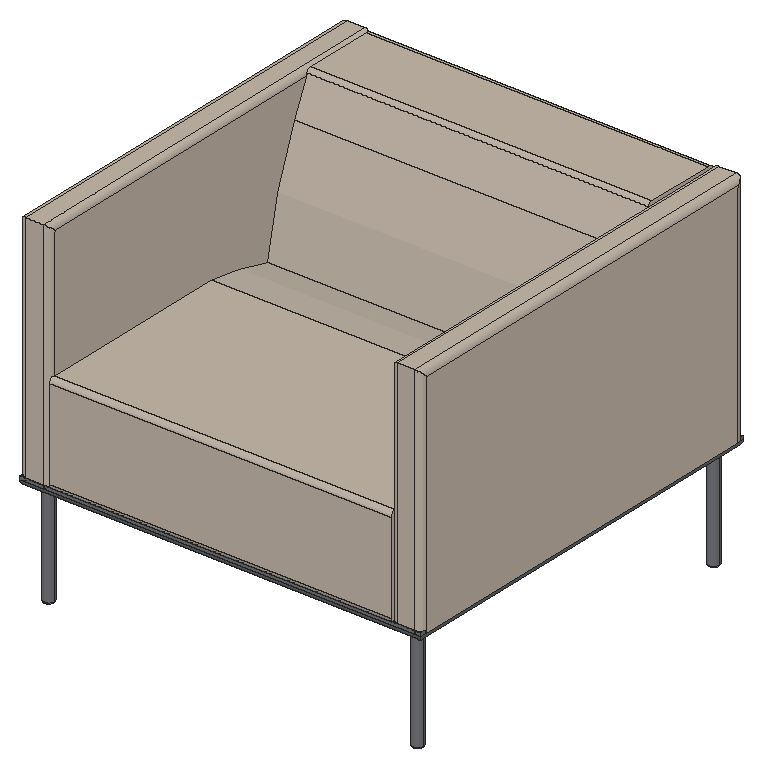
Revit family "FU_Modular_Sandler_Escala_ESC0610TA", category Furniture, Revit 2020
Family settings
  OmniClass Number = 23.40.20.00
  OmniClass Title = General Furniture and Specialties
  Work Plane-Based = No
  Always vertical = Yes
  Cut with Voids When Loaded = No
  Shared = No
  Room Calculation Point = No
Parameters (values of type "Escalas 0610TA")
  Width = 800 mm  # constant formula
  Upholstery [instance] = Fabric - Gravity - Wheat CPC21
  URL = "https://www.sandlerseating.com/product/esc0610ta/"
  Seat Height = 420 mm  # constant formula
  Seat Elevation = 220 mm  # constant formula
  Model = "Escalas 0610TA"
  Manufacturer = "Sandler"
  Height = 690 mm  # constant formula
  Frame Finish = M2_G49
  Description = "Upholstered 80cm armchair with high arms with epoxy painted steel legs."
  Depth = 800 mm  # constant formula
  Default Elevation = 0 mm
Reference planes
  plane 1 "Center (Front/Back)": y = 0
  plane 2: z = 0
  plane 3 "Center (Left/Right)": x = 0
  plane 4 "Right": x = -400
  plane 5 "Left": x = 400
  plane 6 "Front": y = -400
  plane 7 "Back": y = 400
  plane 8 "Elevation": z = 220
  plane 9 "Height": z = 690
  plane 10 "Seat height": z = 420
  plane 11: x = -340
  plane 12: x = 340
  plane 13 "Arm Height": z = 690
Forms (mm)
  Sweep 1, solid, material "Fabric - Gravity - Wheat CPC21" <- "Upholstery"
    path origin (0, 0, 220) x (-1, 0, 0) y (0, -1, 0)
      loop
        line (340, -400) -> (-340, -400)
    profile "Pro_Escalas_Seat_Shape : Pro_Escalas_Seat_Shape" origin (0, 400, 220) x (0, 1, 0) y (0, 0, 1)
      loop
        line (-790, 0) -> (-10, 0)
        arc (-10, 0) -> (-2.929, 2.929) -> (0, 10) r 10
        line (0, 10) -> (0, 460)
        arc (0, 460) -> (-2.929, 467.071) -> (-10, 470) r 10
        line (-10, 470) -> (-150.689, 470)
        arc (-150.689, 470) -> (-156.062, 468.434) -> (-159.752, 464.226) r 10
        line (-159.752, 464.226) -> (-192.518, 393.96)
        arc (-192.518, 393.96) -> (-234.317, 284.408) -> (-260, 170) r 816.842
        arc (-260, 170) -> (-329.19, 188.78) -> (-400, 200) r 664.836
        line (-400, 200) -> (-790, 200)
        arc (-790, 200) -> (-797.071, 197.071) -> (-800, 190) r 10
        line (-800, 190) -> (-800, 10)
        arc (-800, 10) -> (-797.071, 2.929) -> (-790, 0) r 10
  Extrusion 2, void
    sketch origin (0, 0, 0) x (0, 1, 0) y (0, 0, 1)
      loop
        line (-370, 220) -> (370, 220) -> (370, 261) -> (-370, 261) -> (-370, 220)
    from -340 to 340
  Extrusion 3, solid, material "Fabric - Gravity - Wheat CPC21" <- "Upholstery"
    sketch origin (-400, 0, 0) x (0, 1, 0) y (0, 0, 1)
      loop
        line (-380, 220) -> (380, 220) -> (380, 670) -> (-380, 670) -> (-380, 220)
    from 740 to 800
  Sweep 4, solid, material "Fabric - Gravity - Wheat CPC21" <- "Upholstery"
    path in 3D
      loop
        line (400, 380, 220) -> (400, 380, 670) -> (400, -380, 670) -> (400, -380, 220)
    profile "pro_Escalas_Arm edge : pro_Escalas_Arm edge" origin (400, 380, 445) x (0, -1, 0) y (1, 0, 0)
      loop
        line (0, 0) -> (-7.5, 0)
        arc (-7.5, 0) -> (-16.339, -3.661) -> (-20, -12.5) r 12.5
        line (-20, -12.5) -> (-20, -47.5)
        arc (-20, -47.5) -> (-16.339, -56.339) -> (-7.5, -60) r 12.5
        line (-7.5, -60) -> (0, -60) -> (0, 0)
  Extrusion 5, solid, material "Fabric - Gravity - Wheat CPC21" <- "Upholstery"
    sketch origin (-400, 0, 0) x (0, 1, 0) y (0, 0, 1)
      loop
        line (-380, 220) -> (380, 220) -> (380, 670) -> (-380, 670) -> (-380, 220)
    from 740 to 800
  Sweep 6, solid, material "Fabric - Gravity - Wheat CPC21" <- "Upholstery"
    path in 3D
      loop
        line (400, 380, 220) -> (400, 380, 670) -> (400, -380, 670) -> (400, -380, 220)
    profile "pro_Escalas_Arm edge : pro_Escalas_Arm edge" origin (400, 380, 445) x (0, -1, 0) y (1, 0, 0)
      loop
        line (0, 0) -> (-7.5, 0)
        arc (-7.5, 0) -> (-16.339, -3.661) -> (-20, -12.5) r 12.5
        line (-20, -12.5) -> (-20, -47.5)
        arc (-20, -47.5) -> (-16.339, -56.339) -> (-7.5, -60) r 12.5
        line (-7.5, -60) -> (0, -60) -> (0, 0)
  Extrusion 7, solid, material "Fabric - Gravity - Wheat CPC21" <- "Upholstery"
    sketch origin (400, 0, 0) x (0, 1, 0) y (0, 0, -1)
      loop
        line (-380, -220) -> (-380, -670) -> (380, -670) -> (380, -220) -> (-380, -220)
    from 740 to 800
  Sweep 8, solid, material "Fabric - Gravity - Wheat CPC21" <- "Upholstery"
    path in 3D
      loop
        line (-340, 380, 220) -> (-340, 380, 670) -> (-340, -380, 670) -> (-340, -380, 220)
    profile "pro_Escalas_Arm edge : pro_Escalas_Arm edge" origin (-340, 0, 670) x (1, 0, 0) y (0, 0, 1)
      loop
        line (0, 0) -> (0, 7.5)
        arc (0, 7.5) -> (-3.661, 16.339) -> (-12.5, 20) r 12.5
        line (-12.5, 20) -> (-47.5, 20)
        arc (-47.5, 20) -> (-56.339, 16.339) -> (-60, 7.5) r 12.5
        line (-60, 7.5) -> (-60, 0) -> (0, 0)
Cuts and joins
  Extrusion 2 cuts Sweep 1
  joined: Extrusion 3, Sweep 4
  joined: Extrusion 5, Sweep 6
  joined: Extrusion 7, Sweep 8
Lines and regions (mm)
  sketch lines
    curve 1: line (400, 380, 220) -> (400, 380, 670)
    curve 2: line (400, 380, 670) -> (400, -380, 670)
    curve 3: line (400, -380, 670) -> (400, -380, 220)
    curve 4: line (400, 380, 220) -> (400, 380, 670)
    curve 5: line (400, 380, 670) -> (400, -380, 670)
    curve 6: line (400, -380, 670) -> (400, -380, 220)
    curve 7: line (-340, 380, 670) -> (-340, -380, 670)
    curve 8: line (-340, 380, 220) -> (-340, 380, 670)
    curve 9: line (-340, -380, 670) -> (-340, -380, 220)
Dimensions and locks
  equal spacing: plane 4 "Right", plane 3 "Center (Left/Right)", plane 5 "Left"
  "Width": plane 4 "Right" to plane 5 "Left"
  equal spacing: plane 7 "Back", plane 1 "Center (Front/Back)", plane 6 "Front"
  "Depth": plane 7 "Back" to plane 6 "Front"
  "Height": plane 9 "Height" to level
  "Seat Height": plane 10 "Seat height" to level
  "Seat Elevation": plane 8 "Elevation" to level
  equal spacing: plane 11, plane 3 "Center (Left/Right)", plane 12
  plane 11 to plane 12 = 680 mm
  plane 13 "Arm Height" to plane 8 "Elevation" = 470 mm
  aligned and locked: level to plane 2
Automatic sketch dimensions
  Extrusion 2 sketch curve to plane 8 "Elevation" = 0 mm
  plane 6 "Front" to Extrusion 2 sketch curve = 30 mm
  Extrusion 2 sketch curve to plane 7 "Back" = 30 mm
  plane 8 "Elevation" to Extrusion 2 sketch curve = 41 mm
  Extrusion 3 sketch curve to plane 8 "Elevation" = 0 mm
  plane 6 "Front" to Extrusion 3 sketch curve = 20 mm
  Extrusion 3 sketch curve to plane 7 "Back" = 20 mm
  Extrusion 3 sketch curve to plane 13 "Arm Height" = 20 mm
  Extrusion 5 sketch curve to plane 8 "Elevation" = 0 mm
  plane 6 "Front" to Extrusion 5 sketch curve = 20 mm
  Extrusion 5 sketch curve to plane 7 "Back" = 20 mm
  Extrusion 5 sketch curve to plane 13 "Arm Height" = 20 mm
  Extrusion 7 sketch curve to plane 8 "Elevation" = 0 mm
  plane 6 "Front" to Extrusion 7 sketch curve = 20 mm
  Extrusion 7 sketch curve to plane 7 "Back" = 20 mm
  Extrusion 7 sketch curve to plane 13 "Arm Height" = 20 mm
  Sweep 1 sketch curve to plane 7 "Back" = 0 mm
  Sweep 1 sketch curve to plane 12 = 0 mm
  Sweep 1 sketch curve to plane 11 = 0 mm
Nested families
  nested 1: "ESC0600TA_Frame" at (0, 0, 0), Frame Finish <- "Frame Finish", type "ESCALAS 06-- Frame"
    with Frame Finish M2_G49
Definition of nested family "ESC0600TA_Frame"
  Parameters (values of type "ESCALAS 06-- Frame")
    Width = 800 mm
    URL = ""
    Model = "ESCALAS 06"
    Manufacturer = "Sandler"
    IsVisible = no
    Height = 260 mm
    Frame Finish [instance] = none
    Description = "Base frame for ESC06-- seating"
    Depth = 800 mm
    Default Elevation = 0 mm
  Reference planes
    plane 1 "Center (Front/Back)": y = 0
    plane 2: z = 0
    plane 3 "Center (Left/Right)": x = 0
    plane 4: z = 260
    plane 5 "Right": x = -400
    plane 6 "Left": x = 400
    plane 7 "Front": y = -400
    plane 8 "Back": y = 400
    plane 9 "Leg Base": z = 3
    plane 10 "Frame Base": z = 210
    plane 11 "cross support base": z = 204
    plane 12 "Main Frame Outer Right": x = -367.5
    plane 13 "Main Frame Inner Right": x = -308
    plane 14 "Main Frame Outer Back": y = 368
    plane 15 "Main Frame Inner Back": y = 308
    plane 16 "Main Frame Outer Front": y = -368
    plane 17 "Main Frame Inner front": y = -308
    plane 18 "Main Frame Outer left": x = 367.5
    plane 19 "Main Frame Inner Left": x = 308
  Forms (mm)
    Extrusion 1, solid, material <- "Frame Finish"
      sketch origin (0, 0, 210) x (-1, 0, 0) y (0, -1, 0)
        loop
          line (367.5, -368) -> (367.5, 368) -> (-367.5, 368) -> (-367.5, -368) -> (367.5, -368)
        loop
          line (308, -308) -> (308, 308) -> (-308, 308) -> (-308, -308) -> (308, -308)
      from 0 to 50
    Sweep 2, solid, material <- "Frame Finish"
      path in 3D
        loop
          line (-367.5, -368, 210) -> (-367.5, 368, 210) -> (367.5, 368, 210) -> (367.5, -368, 210) -> (-367.5, -368, 210)
      profile "Pro_Escalas_Frame Lip : Pro_Escalas_Frame Lip" origin (0, -368, 210) x (0, 1, 0) y (0, 0, -1)
        loop
          line (-32.005, -16) -> (-30.026, -16) -> (-30.026, -8.524)
          arc (-30.026, -8.524) -> (-27.53, -2.497) -> (-21.503, 0) r 8.524
          line (-21.503, 0) -> (59.977, 0) -> (59.977, 1.97) -> (-22.005, 1.97)
          arc (-22.005, 1.97) -> (-29.076, -0.959) -> (-32.005, -8.03) r 10
          line (-32.005, -8.03) -> (-32.005, -16)
    Extrusion 3, solid, material <- "Frame Finish"
      sketch origin (-67.5, -74, 3) x (-1, 0, 0) y (0, -1, 0)
        loop
          circle (300, 294) r 11
      from 0 to 207
    Extrusion 4, solid, material <- "Frame Finish"
      sketch origin (67.5, -74, 3) x (1, 0, 0) y (0, 1, 0)
        loop
          circle (300, -294) r 11
      from 0 to 207
    Extrusion 5, solid, material <- "Frame Finish"
      sketch origin (67.5, 74, 3) x (1, 0, 0) y (0, 1, 0)
        loop
          circle (300, 294) r 11
      from 0 to 207
    Extrusion 6, solid, material <- "Frame Finish"
      sketch origin (-67.5, 74, 3) x (-1, 0, 0) y (0, -1, 0)
        loop
          circle (300, -294) r 11
      from 0 to 207
    Extrusion 7, solid
      sketch origin (67.5, 74, 0) x (1, 0, 0) y (0, 1, 0)
        loop
          circle (300, 294) r 9.5
      from 0 to 6
    Extrusion 8, solid
      sketch origin (67.5, -74, 0) x (1, 0, 0) y (0, 1, 0)
        loop
          circle (300, -294) r 9.5
      from 0 to 6
    Extrusion 9, solid
      sketch origin (-67.5, -74, 0) x (-1, 0, 0) y (0, -1, 0)
        loop
          circle (300, 294) r 9.5
      from 0 to 6
    Extrusion 10, solid
      sketch origin (-67.5, 74, 0) x (-1, 0, 0) y (0, -1, 0)
        loop
          circle (300, -294) r 9.5
      from 0 to 6
  Cuts and joins
    joined: Extrusion 1, Sweep 2, Extrusion 3, Extrusion 4, Extrusion 5, Extrusion 6
  Lines and regions (mm)
    sketch lines
      curve 1: line (367.5, -368, 210) -> (-367.5, -368, 210)
      curve 2: line (367.5, 368, 210) -> (367.5, -368, 210)
      curve 3: line (-367.5, 368, 210) -> (367.5, 368, 210)
      curve 4: line (-367.5, -368, 210) -> (-367.5, 368, 210)
  Dimensions and locks
    "Height": plane 4 to plane 2
    equal spacing: plane 8 "Back", plane 1 "Center (Front/Back)", plane 7 "Front"
    "Depth": plane 8 "Back" to plane 7 "Front"
    equal spacing: plane 5 "Right", plane 3 "Center (Left/Right)", plane 6 "Left"
    "Width": plane 5 "Right" to plane 6 "Left"
    plane 5 "Right" to plane 12 "Main Frame Outer Right" to plane 13 "Main Frame Inner Right" = 32.5 mm locked, 59.5 mm locked
    plane 8 "Back" to plane 14 "Main Frame Outer Back" to plane 15 "Main Frame Inner Back" = 32 mm locked, 60 mm locked
    plane 19 "Main Frame Inner Left" to plane 18 "Main Frame Outer left" to plane 6 "Left" = 59.5 mm locked, 32.5 mm locked
    plane 17 "Main Frame Inner front" to plane 16 "Main Frame Outer Front" to plane 7 "Front" = 60 mm locked, 32 mm locked
    aligned and locked: level to plane 2
    aligned and locked: plane 14 "Main Frame Outer Back" to Extrusion 1 sketch curve
    aligned and locked: Extrusion 1 sketch curve to plane 12 "Main Frame Outer Right"
    aligned and locked: plane 16 "Main Frame Outer Front" to Extrusion 1 sketch curve
    aligned and locked: Extrusion 1 sketch curve to plane 18 "Main Frame Outer left"
    aligned and locked: plane 15 "Main Frame Inner Back" to Extrusion 1 sketch curve
    aligned and locked: Extrusion 1 sketch curve to plane 13 "Main Frame Inner Right"
    aligned and locked: plane 17 "Main Frame Inner front" to Extrusion 1 sketch curve
    aligned and locked: Extrusion 1 sketch curve to plane 19 "Main Frame Inner Left"
    aligned and locked: Extrusion 1 to plane 10 "Frame Base"
    aligned and locked: plane 4 to Extrusion 1
    aligned and locked: Extrusion 3 to plane 9 "Leg Base"
    aligned and locked: plane 10 "Frame Base" to Extrusion 3
    aligned and locked: Extrusion 7 to level
  Automatic sketch dimensions
    plane 13 "Main Frame Inner Right" to Extrusion 3 sketch curve = 59.5 mm
    Extrusion 5 sketch curve to plane 15 "Main Frame Inner Back" = 60 mm
    Extrusion 6 sketch curve to plane 12 "Main Frame Outer Right" = 0 mm
    plane 14 "Main Frame Outer Back" to Extrusion 6 sketch curve = 0 mm
    Extrusion 7 sketch curve to plane 15 "Main Frame Inner Back" = 60 mm
    plane 13 "Main Frame Inner Right" to Extrusion 9 sketch curve = 59.5 mm
    Extrusion 10 sketch curve to plane 12 "Main Frame Outer Right" = 0 mm
    plane 14 "Main Frame Outer Back" to Extrusion 10 sketch curve = 0 mm
    Extrusion 3 sketch curve to plane 16 "Main Frame Outer Front" = 0 mm
    Extrusion 4 sketch curve to plane 16 "Main Frame Outer Front" = 0 mm
    Extrusion 8 sketch curve to plane 16 "Main Frame Outer Front" = 0 mm
    Extrusion 9 sketch curve to plane 16 "Main Frame Outer Front" = 0 mm
    Extrusion 4 sketch curve to plane 18 "Main Frame Outer left" = 0 mm
    Extrusion 5 sketch curve to plane 18 "Main Frame Outer left" = 0 mm
    Extrusion 7 sketch curve to plane 18 "Main Frame Outer left" = 0 mm
    Extrusion 8 sketch curve to plane 18 "Main Frame Outer left" = 0 mm
    radius of Extrusion 3 sketch curve = 11 mm
    radius of Extrusion 4 sketch curve = 11 mm
    radius of Extrusion 5 sketch curve = 11 mm
    radius of Extrusion 6 sketch curve = 11 mm
    radius of Extrusion 7 sketch curve = 9.5 mm
    radius of Extrusion 8 sketch curve = 9.5 mm
    radius of Extrusion 9 sketch curve = 9.5 mm
    radius of Extrusion 10 sketch curve = 9.5 mm
